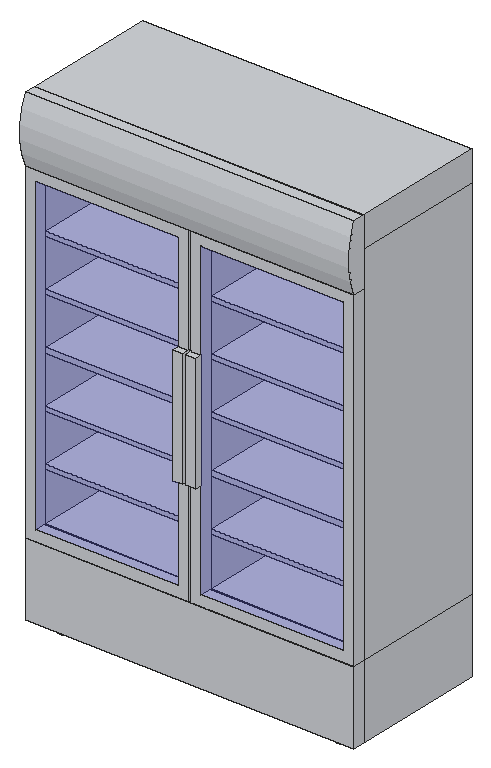
Revit family "Холодильные шкафы со стеклянными дверьми POLAIR Professionale", category Оборудование, Revit 2020
Family settings
  Размер круглого соединителя = Использовать диаметр
  Классификация = Нет
  Тип детали = Нормальный
  На основе рабочей плоскости = Нет
  Всегда вертикально = Да
  При загрузке вырезать с полостями = Нет
  Общий = Нет
  Точка расчета площади = Нет
Parameters (values of type "BC110Sd")
  Ширина = 1405 mm
  Цена, руб. = ""
  Холодильный шкаф = none
  Хладагент = "R134a или R290"
  Условия окр. среды (темп./вл-сть,%) = "от +30 до +40/до 80"
  Тип охлаждения = "динамический"
  Тип оттайки = "автомат. с системой исп. конденсата"
  Терморегулятор = "механический термостат или эл.  блок"
  Система электропитания В/Гц = "230/50"
  Расход электроэнергии за сутки, кВт/ч = "6.5"
  Расположение агрегата = "нижнее"
  Размеры в упаковке, мм = "1490х744х2186"
  Размер полки, мм = "645*455"
  Потребляемая мощность, Вт, не более = "850"
  Подсветка = "вертикальная"
  Отметка по умолчанию = 0 mm
  Объем, л. = "1000"
  Корпус = yes
  Шаг установки полок, мм = "12,5"
  Кол-во бутылок 0,5 л по глубине 1 полки, шт = "7"
  Клапан Шредера = "+"
  Кол-во бутылок 0,5 л по ширине 1 полки, шт = "18"
  Допустимая нагрузка на полку, кг = "60"
  Диап. рабочих температур = "0....+6,5"
  Глубина = 627 mm
  Габаритные размеры, мм = "1405х627х2060"
  Высота = 2060 mm
  Вместимость бутылок 0,5 л, шт = "630"
  Вес нетто, кг = "210"
  Вес брутто, кг = "240"
  2 дверь S = yes
  2 Корпус = yes
  1 дверь S = yes
Types (5, lengths in mm): name | Ширина | Условия окр. среды (темп./вл-сть,%) | Расход электроэнергии за сутки, кВт/ч | Размеры в упаковке, мм | Размер полки, мм | Потребляемая мощность, Вт, не более | Объем, л. | Кол-во бутылок 0,5 л по глубине 1 полки, шт | Кол-во бутылок 0,5 л по ширине 1 полки, шт | Диап. рабочих температур | Глубина | Габаритные размеры, мм | Высота | Вместимость бутылок 0,5 л, шт | Вес нетто, кг | Вес брутто, кг | 2 дверь S | 2 Корпус
  (no name) | 1405 | "от +30 до +40/до 80" | "6.5" | "1490х744х2186" | "645*455" | "850" | "1000" | "7" | "18" | "0....+6,5" | 627 | "1405х627х2060" | 2060 | "630" | "210" | "240" | yes | yes
  BC105 | 697 | "от -30 до +40/до 80" | "5" | "790х744х2186" | "595*455" | "500" | "500" | "7" | "8" | "0....+6.5" | 657 | "697х657х2070" | 2070 | "280" | "120" | "140" | no | no
  BC112Sd | 1405 | "от +30 до +40/до 80" | "7" | "1490х826х2186" | "645*536" | "850" | "1200" | "8" | "18" | "0....+6,5" | 709 | "1405х709х2060" | 2060 | "720" | "220" | "250" | yes | yes
  BC110Sd | 1405 | "от +30 до +40/до 80" | "6.5" | "1490х744х2186" | "645*455" | "850" | "1000" | "7" | "18" | "0....+6,5" | 627 | "1405х627х2060" | 2060 | "630" | "210" | "240" | yes | yes
  BC106 | 697 | "от -30 до +40/до 80" | "5" | "790х826х2186" | "595*536" | "500" | "600" | "8" | "8" | "0....+6.5" | 730 | "697х730х2070" | 2070 | "320" | "130" | "150" | no | no
Reference planes
  plane 1 "По центру (Вперед/Назад)": y = 0
  plane 2: z = 0
  plane 3 "По центру (Влево/Вправо)": x = 0
  plane 4: x = -702.5
  plane 5: x = 702.5
  plane 6: y = -627
  plane 7: y = 0
  plane 8: y = -576
  plane 9: x = -659.5
  plane 10: x = 659.5
  plane 11: y = -43
  plane 12: z = 2060
  plane 13: z = 1778
  plane 14: z = 354
  plane 15: z = 1735
  plane 16: z = 397
  plane 17: z = 1512
  plane 18: z = 1066
  plane 19: z = 1289
  plane 20: z = 843
  plane 21: z = 620
  plane 22: y = -657
  plane 23: x = 5.5
  plane 24: x = 48.5
  plane 25: z = 816
  plane 26: z = 1316
  plane 27: z = 978
  plane 28: x = 202.5
  plane 29: x = -592.5
  plane 30: y = -547
  plane 31: y = -110
  plane 32: x = 592.5
  plane 33: x = -48.5
  plane 34: x = -5.5
  plane 35: x = -660.466
  plane 36: x = -2.5
  plane 37: z = 1930
  plane 38: z = 40
Forms (mm)
  Extrusion 1, solid, material <- "Холодильный шкаф", visible <- "Корпус"
    sketch origin (0, 0, 0) x (1, 0, 0) y (0, 0, 1)
      loop
        line (5.5, 1930) -> (5.5, 354) -> (702.5, 354) -> (702.5, 1930) -> (5.5, 1930)
    from 0 to 576
  Extrusion 2, void
    sketch origin (0, 0, 0) x (1, 0, 0) y (0, 0, 1)
      loop
        line (48.5, 1735) -> (48.5, 397) -> (659.5, 397) -> (659.5, 1735) -> (48.5, 1735)
    from 43 to 576
  Extrusion 3, solid, material <- "Холодильный шкаф", visible <- "1 дверь S"
    sketch origin (0, 0, 0) x (1, 0, 0) y (0, 0, 1)
      loop
        line (5.5, 1778) -> (5.5, 354) -> (702.5, 354) -> (702.5, 1778) -> (5.5, 1778)
      loop
        line (48.5, 1735) -> (48.5, 397) -> (659.5, 397) -> (659.5, 1735) -> (48.5, 1735)
    from 576 to 627
  Extrusion 4, solid, material "Стекло", visible <- "1 дверь S"
    sketch origin (0, 0, 0) x (1, 0, 0) y (0, 0, 1)
      loop
        line (48.5, 1735) -> (48.5, 397) -> (659.5, 397) -> (659.5, 1735) -> (48.5, 1735)
    from 576 to 627
  Extrusion 5, solid, visible <- "1 дверь S", detail levels medium+fine
    sketch origin (0, 0, 0) x (1, 0, 0) y (0, 1, 0)
      loop
        line (48.5, -627) -> (5.5, -627) -> (5.5, -657) -> (48.5, -657) -> (48.5, -627)
    from 816 to 1316
  Extrusion 6, solid, visible <- "Корпус", detail levels medium+fine
    sketch origin (0, 0, 0) x (1, 0, 0) y (0, 0, 1)
      loop
        line (48.5, 630) -> (48.5, 610) -> (659.5, 610) -> (659.5, 630) -> (48.5, 630)
    from 43 to 576
  Extrusion 7, solid, visible <- "Корпус", detail levels medium+fine
    sketch origin (0, 0, 0) x (1, 0, 0) y (0, 0, 1)
      loop
        line (48.5, 853) -> (48.5, 833) -> (659.5, 833) -> (659.5, 853) -> (48.5, 853)
    from 43 to 576
  Extrusion 8, solid, visible <- "Корпус", detail levels medium+fine
    sketch origin (0, 0, 0) x (1, 0, 0) y (0, 0, 1)
      loop
        line (48.5, 1076) -> (48.5, 1056) -> (659.5, 1056) -> (659.5, 1076) -> (48.5, 1076)
    from 43 to 576
  Extrusion 9, solid, visible <- "Корпус", detail levels medium+fine
    sketch origin (0, 0, 0) x (1, 0, 0) y (0, 0, 1)
      loop
        line (48.5, 1299) -> (48.5, 1279) -> (659.5, 1279) -> (659.5, 1299) -> (48.5, 1299)
    from 43 to 576
  Extrusion 10, solid, visible <- "Корпус", detail levels medium+fine
    sketch origin (0, 0, 0) x (1, 0, 0) y (0, 0, 1)
      loop
        line (48.5, 1522) -> (48.5, 1502) -> (659.5, 1502) -> (659.5, 1522) -> (48.5, 1522)
    from 43 to 576
  Extrusion 11, solid, material <- "Холодильный шкаф", visible <- "Корпус"
    sketch origin (0, 0, 0) x (1, 0, 0) y (0, 0, 1)
      loop
        line (-702.5, 2060) -> (-702.5, 1930) -> (702.5, 1930) -> (702.5, 2060) -> (-702.5, 2060)
    from 0 to 576
  Extrusion 12, solid
    sketch origin (0, 0, 0) x (1, 0, 0) y (0, 1, 0)
      loop
        circle (-592.5, -110) r 30
    from 0 to 40
  Extrusion 13, solid
    sketch origin (0, 0, 0) x (1, 0, 0) y (0, 1, 0)
      loop
        circle (-592.5, -547) r 30
    from 0 to 40
  Extrusion 14, solid
    sketch origin (0, 0, 0) x (1, 0, 0) y (0, 1, 0)
      loop
        circle (592.5, -110) r 30
    from 0 to 40
  Extrusion 15, solid
    sketch origin (0, 0, 0) x (1, 0, 0) y (0, 1, 0)
      loop
        circle (592.5, -547) r 30
    from 0 to 40
  Extrusion 16, solid, material <- "Холодильный шкаф", visible <- "2 Корпус"
    sketch origin (1066.519, 0, 21.8) x (1, 0, 0) y (0, 0, 1)
      loop
        line (-1769.019, 1908.2) -> (-1769.019, 332.2) -> (-1061.019, 332.2) -> (-1061.019, 1908.2) -> (-1769.019, 1908.2)
    from 0 to 576
  Extrusion 17, void
    sketch origin (1066.519, 0, 21.8) x (1, 0, 0) y (0, 0, 1)
      loop
        line (-1726.986, 1713.2) -> (-1726.986, 375.2) -> (-1061.019, 375.2) -> (-1061.019, 1713.2) -> (-1726.986, 1713.2)
    from 43 to 576
  Extrusion 18, solid, visible <- "2 Корпус", detail levels medium+fine
    sketch origin (0, 0, 0) x (1, 0, 0) y (0, 0, 1)
      loop
        line (-659.5, 1299) -> (-659.5, 1279) -> (-48.5, 1279) -> (-48.5, 1299) -> (-659.5, 1299)
    from 43 to 576
  Extrusion 19, solid, visible <- "2 Корпус", detail levels medium+fine
    sketch origin (0, 0, 0) x (1, 0, 0) y (0, 0, 1)
      loop
        line (-659.5, 630) -> (-659.5, 610) -> (-48.5, 610) -> (-48.5, 630) -> (-659.5, 630)
    from 43 to 576
  Extrusion 20, solid, visible <- "2 Корпус", detail levels medium+fine
    sketch origin (0, 0, 0) x (1, 0, 0) y (0, 0, 1)
      loop
        line (-659.5, 853) -> (-659.5, 833) -> (-48.5, 833) -> (-48.5, 853) -> (-659.5, 853)
    from 43 to 576
  Extrusion 21, solid, visible <- "2 Корпус", detail levels medium+fine
    sketch origin (0, 0, 0) x (1, 0, 0) y (0, 0, 1)
      loop
        line (-659.5, 1076) -> (-659.5, 1056) -> (-48.5, 1056) -> (-48.5, 1076) -> (-659.5, 1076)
    from 43 to 576
  Extrusion 22, solid, visible <- "2 Корпус", detail levels medium+fine
    sketch origin (0, 0, 0) x (1, 0, 0) y (0, 0, 1)
      loop
        line (-659.5, 1522) -> (-659.5, 1502) -> (-48.5, 1502) -> (-48.5, 1522) -> (-659.5, 1522)
    from 43 to 576
  Extrusion 23, solid, material <- "Холодильный шкаф", visible <- "2 дверь S"
    sketch origin (0, 0, 0) x (1, 0, 0) y (0, 0, 1)
      loop
        line (-702.5, 1778) -> (-702.5, 354) -> (-5.5, 354) -> (-5.5, 1778) -> (-702.5, 1778)
      loop
        line (-660.466, 1735) -> (-660.466, 397) -> (-48.5, 397) -> (-48.5, 1735) -> (-660.466, 1735)
    from 576 to 627
  Extrusion 24, solid, material "Стекло", visible <- "2 дверь S"
    sketch origin (0, 0, 0) x (1, 0, 0) y (0, 0, 1)
      loop
        line (-660.466, 1735) -> (-660.466, 397) -> (-48.5, 397) -> (-48.5, 1735) -> (-660.466, 1735)
    from 576 to 627
  Extrusion 25, solid, visible <- "2 дверь S", detail levels medium+fine
    sketch origin (0, 0, -32.039) x (1, 0, 0) y (0, 0, 1)
      loop
        line (-48.5, 1348.039) -> (-48.5, 848.039) -> (-5.5, 848.039) -> (-5.5, 1348.039) -> (-48.5, 1348.039)
    from 627 to 657
  Extrusion 26, solid, visible <- "Корпус"
    sketch origin (-129.005, 0, -110) x (0, 1, 0) y (0, 0, 1)
      loop
        arc (-627, 2170) -> (-658.071, 2029) -> (-627, 1888) r 335.463
        line (-627, 1888) -> (-576, 1888) -> (-576, 2170) -> (-627, 2170)
    from -573.495 to 831.505
  Extrusion 27, solid, material <- "Холодильный шкаф"
    sketch origin (0, 0, 0) x (1, 0, 0) y (0, 0, 1)
      loop
        line (-702.5, 354) -> (-702.5, 40) -> (702.5, 40) -> (702.5, 354) -> (-702.5, 354)
    from 0 to 576
  Extrusion 28, solid, material <- "Холодильный шкаф"
    sketch origin (0, 0, 0) x (1, 0, 0) y (0, 0, 1)
      loop
        line (-702.5, 354) -> (-702.5, 40) -> (702.5, 40) -> (702.5, 354) -> (-702.5, 354)
    from 576 to 627
Cuts and joins
  Extrusion 2, Extrusion 17 cuts Extrusion 1
  Extrusion 17 cuts Extrusion 4
  Extrusion 17 cuts Extrusion 6
  Extrusion 17 cuts Extrusion 7
  Extrusion 17 cuts Extrusion 8
  Extrusion 17 cuts Extrusion 9
  Extrusion 17 cuts Extrusion 10
  Extrusion 17 cuts Extrusion 16
Lines and regions (mm)
  model lines, detail levels medium+fine
    curve 1: line (-662.5, -627, 314) -> (662.5, -627, 314)
    curve 2: line (-662.5, -627, 80) -> (-662.5, -627, 314)
    curve 3: line (662.5, -627, 80) -> (-662.5, -627, 80)
    curve 4: line (662.5, -627, 314) -> (662.5, -627, 80)
Dimensions and locks
  equal spacing: plane 4, plane 3 "По центру (Влево/Вправо)", plane 5
  "Ширина": plane 4 to plane 5
  "Глубина": plane 6 to plane 1 "По центру (Вперед/Назад)"
  plane 1 "По центру (Вперед/Назад)" to plane 7 = 0 mm
  plane 7 to plane 8 = 576 mm
  locked: plane 8 to plane 6 at 51
  locked: plane 7 to plane 11 at 43
  locked: plane 4 to plane 9 at 43
  locked: plane 10 to plane 5 at 43
  "Высота": plane 12 to plane 2
  locked: plane 12 to plane 13 at 282
  plane 13 to plane 14 = 1424 mm
  plane 14 to plane 2 = 354 mm
  locked: plane 13 to plane 15 at 43
  locked: plane 16 to plane 14 at 43
  equal spacing: plane 15, plane 17, plane 19, plane 18, plane 20, plane 21, plane 16
  locked: plane 6 to plane 22 at 30
  Extrusion 5 to plane 3 "По центру (Влево/Вправо)" = 48.5 mm
  locked: plane 5 to plane 23 at 697
  locked: plane 24 to plane 23 at 43
  equal spacing: Extrusion 6 sketch curve, plane 21, Extrusion 6 sketch curve, locked at 10 each
  equal spacing: Extrusion 7 sketch curve, plane 20, Extrusion 7 sketch curve, locked at 10 each
  equal spacing: Extrusion 8 sketch curve, plane 18, Extrusion 8 sketch curve, locked at 10 each
  equal spacing: Extrusion 9 sketch curve, plane 19, Extrusion 9 sketch curve, locked at 10 each
  equal spacing: Extrusion 10 sketch curve, plane 17, Extrusion 10 sketch curve, locked at 10 each
  plane 26 to plane 18 to plane 25 = 250 mm locked, 250 mm locked
  locked: plane 13 to plane 27 at 800
  locked: plane 28 to plane 5 at 500
  locked: plane 32 to plane 5 at 110
  locked: plane 4 to plane 29 at 110
  locked: plane 7 to plane 31 at 110
  locked: plane 30 to plane 22 at 110
  equal spacing: Extrusion 18 sketch curve, plane 19, Extrusion 18 sketch curve, locked at 10 each
  equal spacing: Extrusion 19 sketch curve, plane 21, Extrusion 19 sketch curve, locked at 10 each
  equal spacing: Extrusion 20 sketch curve, plane 20, Extrusion 20 sketch curve, locked at 10 each
  equal spacing: Extrusion 21 sketch curve, plane 18, Extrusion 21 sketch curve, locked at 10 each
  equal spacing: Extrusion 22 sketch curve, plane 17, Extrusion 22 sketch curve, locked at 10 each
  locked: plane 34 to plane 4 at 697
  locked: plane 34 to plane 33 at 43
  locked: plane 36 to plane 35 at 657.966
  locked: plane 24 to plane 36 at 51
  locked: Extrusion 25 sketch curve to Extrusion 24 at 43
  Extrusion 25 to plane 18 to Extrusion 25 = 250 mm locked, 250 mm locked
  plane 12 to plane 37 = 130 mm
  locked: plane 38 to plane 2 at 40
  locked: plane 14 to plane 38 at 314
  locked: curve 2 to plane 4 at 40
  locked: plane 5 to curve 4 at 40
  locked: curve 3 to plane 38 at 40
  locked: plane 14 to curve 1 at 40
  aligned and locked: level to plane 2
  aligned and locked: plane 14 to Extrusion 1 sketch curve
  aligned and locked: Extrusion 1 sketch curve to plane 5
  aligned and locked: plane 7 to Extrusion 1
  aligned and locked: Extrusion 1 to plane 8
  aligned and locked: Extrusion 2 sketch curve to plane 15
  aligned and locked: Extrusion 2 sketch curve to plane 16
  aligned and locked: Extrusion 2 sketch curve to plane 10
  aligned and locked: Extrusion 2 to plane 11
  aligned and locked: Extrusion 2 to plane 8
  aligned and locked: Extrusion 3 sketch curve to cut or joined group of Extrusion 1, Extrusion 2, Extrusion 17  (x2)
  aligned and locked: Extrusion 3 to plane 6
  aligned and locked: plane 8 to Extrusion 3
  aligned and locked: Extrusion 3 sketch curve to plane 15
  aligned and locked: Extrusion 3 sketch curve to plane 10
  aligned and locked: Extrusion 3 sketch curve to plane 16
  aligned and locked: Extrusion 4 sketch curve to plane 15
  aligned and locked: Extrusion 4 sketch curve to plane 16
  aligned and locked: Extrusion 4 sketch curve to plane 10
  aligned and locked: Extrusion 4 to plane 6
  aligned and locked: Extrusion 3 to Extrusion 5 sketch curve
  aligned and locked: plane 22 to Extrusion 5 sketch curve
  aligned and locked: plane 24 to Extrusion 4 sketch curve
  aligned and locked: plane 24 to Extrusion 3 sketch curve
  aligned and locked: plane 23 to Extrusion 3 sketch curve
  aligned and locked: plane 24 to Extrusion 5 sketch curve
  aligned and locked: Extrusion 5 sketch curve to plane 23
  aligned and locked: plane 8 to Extrusion 4
  aligned and locked: Extrusion 6 to plane 8
  aligned and locked: Extrusion 6 to plane 11
  aligned and locked: Extrusion 6 sketch curve to plane 10
  aligned and locked: plane 24 to Extrusion 6 sketch curve
  aligned and locked: plane 24 to Extrusion 2 sketch curve
  aligned and locked: plane 23 to Extrusion 1 sketch curve
  aligned and locked: plane 24 to Extrusion 7 sketch curve
  aligned and locked: Extrusion 7 sketch curve to plane 10
  aligned and locked: Extrusion 7 to plane 8
  aligned and locked: Extrusion 7 to plane 11
  aligned and locked: plane 24 to Extrusion 8 sketch curve
  aligned and locked: Extrusion 8 sketch curve to plane 10
  aligned and locked: Extrusion 8 to plane 8
  aligned and locked: Extrusion 8 to plane 11
  aligned and locked: plane 24 to Extrusion 9 sketch curve
  aligned and locked: Extrusion 9 sketch curve to plane 10
  aligned and locked: Extrusion 9 to plane 8
  aligned and locked: Extrusion 9 to plane 11
  aligned and locked: plane 24 to Extrusion 10 sketch curve
  aligned and locked: Extrusion 10 sketch curve to plane 10
  aligned and locked: Extrusion 10 to plane 8
  aligned and locked: Extrusion 10 to plane 11
  aligned and locked: Extrusion 11 sketch curve to plane 12
  aligned and locked: Extrusion 11 sketch curve to cut or joined group of Extrusion 1, Extrusion 2, Extrusion 17
  aligned and locked: Extrusion 11 to plane 8
  aligned and locked: plane 7 to Extrusion 11
  aligned and locked: Extrusion 11 sketch curve to plane 4
  aligned and locked: Extrusion 5 to plane 26
  aligned and locked: plane 25 to Extrusion 5
  aligned and locked: Extrusion 12 to level
  aligned and locked: Extrusion 13 to level
  aligned and locked: Extrusion 14 to level
  aligned and locked: Extrusion 15 to level
  aligned and locked: plane 14 to Extrusion 16 sketch curve
  aligned and locked: plane 16 to Extrusion 17 sketch curve
  aligned and locked: plane 9 to Extrusion 18 sketch curve
  aligned and locked: Extrusion 18 to plane 8
  aligned and locked: plane 11 to Extrusion 18
  aligned and locked: plane 9 to Extrusion 19 sketch curve
  aligned and locked: Extrusion 19 to plane 8
  aligned and locked: plane 11 to Extrusion 19
  aligned and locked: plane 9 to Extrusion 20 sketch curve
  aligned and locked: Extrusion 20 to plane 8
  aligned and locked: plane 11 to Extrusion 20
  aligned and locked: plane 9 to Extrusion 21 sketch curve
  aligned and locked: Extrusion 21 to plane 8
  aligned and locked: plane 11 to Extrusion 21
  aligned and locked: plane 9 to Extrusion 22 sketch curve
  aligned and locked: Extrusion 22 to plane 8
  aligned and locked: plane 11 to Extrusion 22
  aligned and locked: Extrusion 23 sketch curve to cut or joined group of Extrusion 16, Extrusion 17  (x3)
  aligned and locked: Extrusion 23 sketch curve to plane 34
  aligned and locked: Extrusion 23 to plane 6
  aligned and locked: plane 8 to Extrusion 23
  aligned and locked: plane 14 to Extrusion 23 sketch curve
  aligned and locked: plane 16 to Extrusion 23 sketch curve
  aligned and locked: Extrusion 23 sketch curve to plane 33
  aligned and locked: Extrusion 24 sketch curve to cut or joined group of Extrusion 16, Extrusion 17  (x2)
  aligned and locked: Extrusion 24 sketch curve to Extrusion 23  (x2)
  aligned and locked: Extrusion 24 to plane 6
  aligned and locked: plane 8 to Extrusion 24
  aligned and locked: Extrusion 17 sketch curve to plane 35
  aligned and locked: Extrusion 24 to Extrusion 25 sketch curve
  aligned and locked: plane 6 to Extrusion 25
  aligned and locked: Extrusion 25 to plane 22
  aligned and locked: Extrusion 18 sketch curve to plane 33
  aligned and locked: Extrusion 21 sketch curve to plane 33
  aligned and locked: Extrusion 20 sketch curve to plane 33
  aligned and locked: Extrusion 19 sketch curve to plane 33
  aligned and locked: Extrusion 22 sketch curve to plane 33
  aligned and locked: Extrusion 17 sketch curve to plane 23
  aligned and locked: Extrusion 16 to plane 8
  aligned and locked: Extrusion 17 to plane 8
  aligned and locked: plane 8 to Extrusion 26 sketch curve
  aligned and locked: Extrusion 26 sketch curve to plane 13
  aligned and locked: plane 12 to Extrusion 26 sketch curve
  aligned and locked: Extrusion 26 to plane 4
  aligned and locked: plane 5 to Extrusion 26
  aligned and locked: plane 37 to Extrusion 11 sketch curve
  aligned and locked: plane 13 to Extrusion 23
  aligned and locked: Extrusion 16 sketch curve to plane 37
  aligned and locked: Extrusion 1 sketch curve to plane 37
  aligned and locked: plane 7 to plane 1 "По центру (Вперед/Назад)"
  aligned and locked: Extrusion 16 to plane 1 "По центру (Вперед/Назад)"
  aligned and locked: plane 11 to Extrusion 17
  aligned and locked: Extrusion 3 sketch curve to plane 13
  aligned and locked: plane 38 to Extrusion 13
  aligned and locked: Extrusion 12 to Extrusion 13
  aligned and locked: Extrusion 15 to Extrusion 12
  aligned and locked: Extrusion 14 to Extrusion 12
  aligned and locked: plane 4 to Extrusion 27 sketch curve
  aligned and locked: Extrusion 27 sketch curve to plane 5
  aligned and locked: Extrusion 27 sketch curve to plane 14
  aligned and locked: plane 38 to Extrusion 27 sketch curve
  aligned and locked: Extrusion 27 to plane 1 "По центру (Вперед/Назад)"
  aligned and locked: Extrusion 27 to plane 8
  aligned and locked: plane 4 to Extrusion 28 sketch curve
  aligned and locked: Extrusion 28 sketch curve to plane 5
  aligned and locked: Extrusion 28 sketch curve to plane 14
  aligned and locked: plane 38 to Extrusion 28 sketch curve
  aligned and locked: Extrusion 28 to plane 6
  aligned and locked: plane 8 to Extrusion 28
Automatic sketch dimensions
  Extrusion 6 sketch curve to plane 21 = 10 mm
  Extrusion 7 sketch curve to plane 20 = 10 mm
  Extrusion 8 sketch curve to plane 18 = 10 mm
  Extrusion 9 sketch curve to plane 19 = 10 mm
  Extrusion 10 sketch curve to plane 17 = 10 mm
  Extrusion 12 sketch curve to plane 29 = 0 mm
  Extrusion 12 sketch curve to plane 31 = 0 mm
  Extrusion 13 sketch curve to plane 29 = 0 mm
  Extrusion 13 sketch curve to plane 30 = 0 mm
  Extrusion 14 sketch curve to plane 31 = 0 mm
  Extrusion 14 sketch curve to plane 32 = 0 mm
  Extrusion 15 sketch curve to plane 30 = 0 mm
  Extrusion 15 sketch curve to plane 32 = 0 mm
  Extrusion 16 sketch curve to plane 5 = 1405 mm
  Extrusion 16 sketch curve to Extrusion 16 sketch curve = 708 mm
  Extrusion 18 sketch curve to plane 19 = 10 mm
  Extrusion 19 sketch curve to plane 21 = 10 mm
  Extrusion 20 sketch curve to plane 20 = 10 mm
  Extrusion 21 sketch curve to plane 18 = 10 mm
  Extrusion 22 sketch curve to plane 17 = 10 mm
  Extrusion 17 sketch curve to plane 15 = 0 mm
  Extrusion 25 sketch curve to plane 20 = 27 mm
  plane 19 to Extrusion 25 sketch curve = 27 mm
  plane 22 to Extrusion 26 sketch curve = 30 mm  (x2)
  plane 30 to Extrusion 26 sketch curve = 224.392 mm
  Extrusion 23 sketch curve to plane 37 = 152 mm
  radius of Extrusion 12 sketch curve = 30 mm
  radius of Extrusion 13 sketch curve = 30 mm
  radius of Extrusion 14 sketch curve = 30 mm
  radius of Extrusion 15 sketch curve = 30 mm
